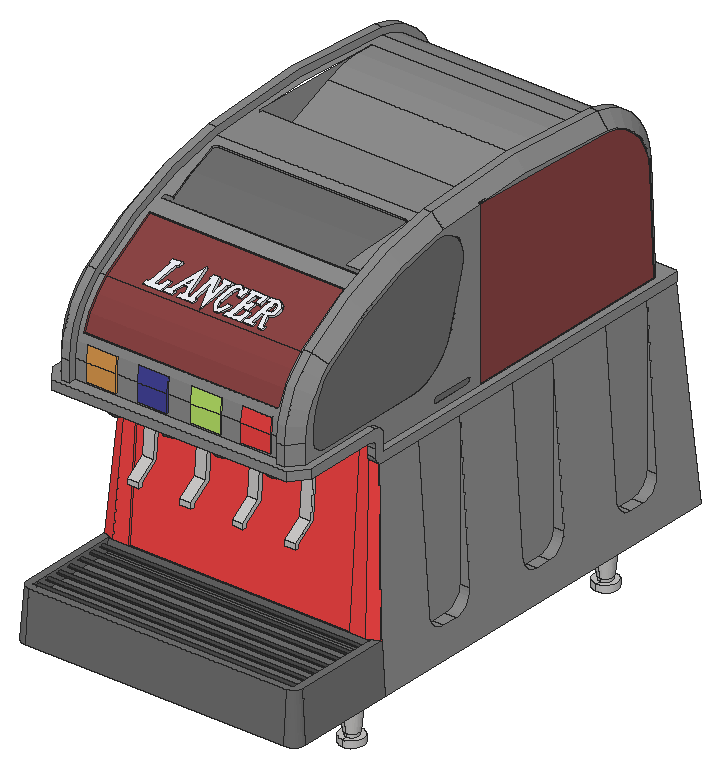
Revit family
Parameters
  Weight in Pounds = 82
  Watts = 0 W
  Volts = 220 V
  URL Cutsheet = "lancercorp.com"
  URL = "lancercorp.com"
  Type Mark [instance] = ""
  Status [instance] = ""
  Specification by User [instance] = ""
  Specification by Manufacturer = ""
  Serial Number = ""
  Seismic Rating = ""
  SMACNA No = ""
  Revision Code [instance] = ""
  Refrigerant Type [instance] = "R134A"
  Plumbing Remarks [instance] = ""
  Plumbing Connection Type [instance] = ""
  Phase = 1
  Omniclass Number and Title = ""
  Number of Poles [instance] = 1
  NAFEM Spec ID Number = ""
  Model = "SPARTAN"
  Min Ckt Ampacity = 0 A
  Mechanical Remarks [instance] = ""
  Mechanical Connection Type [instance] = ""
  Max Overcurrent Protection = 0 A
  Masterspec = ""
  Manufacturer = "LANCER"
  Legs [instance] = yes
  Item Number [instance] = ""
  Installed By [instance] = ""
  Identify Quantity as Lot [instance] = yes
  HP = ""
  Furnished By [instance] = ""
  Foodservice Equipment Identifier [instance] = yes
  FL Amps = 0 A
  Electrical Remarks [instance] = ""
  Electric Connection Type [instance] = ""
  Elec Conn RI Height [instance] = 0.000"
  Elec Conn Connection Height [instance] = 0.000"
  Description = "SPARTAN BEVERAGE DISPENSER"
  Cycle = 60 Hz
  Conn Plug = ""
  Conn Conduit = yes
  Cold Water Temperature Recommended [instance] = -459.67 °F
  Cold Water Size = 5/16"
  Cold Water RI Height [instance] = 0.000"
  Cold Water Minimum Pressure = 0.00 psi
  Cold Water Maximum Pressure = 0.00 psi
  Cold Water Flow [instance] = 0 GPM
  Cold Water Consumption = ""
  Cold Water Connection Height = 0.000"
  CSI MasterFormat = ""
  CSI Master Format = ""
  Base Height [instance] = if(Legs, 3.951", 0.000")  # 3.951"
  Apparent Power = if(Phase = 3, Volts * FL Amps * 1.73, Volts * FL Amps)  # 0 VA
Reference planes (in)
  plane 1 "BACK": y = 0
  plane 2: z = 0
  plane 3 "LEFT": x = 0
  plane 4 "RIGHT": x = 15.7
  plane 5 "FRONT": y = -28.074
  plane 6 "TOP": z = 25.551
  plane 7 "Center Y": x = 7.85
  plane 8 "Center X": y = -14.037
  plane 9 "Base Height": z = 3.951
Forms (in)
  Revolve 1, solid, material "QF_Finishes_Stainless Steel", visible <- "Legs"
    sketch origin (3.0625, 0, 0) x (0, 1, 0) y (0, 0, 1)
      loop
        line (-2.76053, 0) -> (-2.11521, 0) -> (-2.11521, 0.35673) -> (-2.41837, 0.35673) -> (-2.41837, 0.55916) -> (-2.36703, 0.55916) -> (-2.01053, 3.951) -> (-2.76053, 3.951) -> (-2.76053, 0)
      axis (-2.76053, 0) -> (-2.76053, 3.951)
    angle from 0 to 360
  Revolve 2, solid, material "QF_Finishes_Stainless Steel", visible <- "Legs"
    sketch origin (3.0625, -17.62867, 0) x (0, 1, 0) y (0, 0, 1)
      loop
        line (-2.76053, 0) -> (-2.11521, 0) -> (-2.11521, 0.35673) -> (-2.41837, 0.35673) -> (-2.41837, 0.55916) -> (-2.36703, 0.55916) -> (-2.01053, 3.951) -> (-2.76053, 3.951) -> (-2.76053, 0)
      axis (-2.76053, 0) -> (-2.76053, 3.951)
    angle from 0 to 360
  Revolve 3, solid, material "QF_Finishes_Stainless Steel", visible <- "Legs"
    sketch origin (12.6375, 0, 0) x (0, 1, 0) y (0, 0, -1)
      loop
        line (-2.76053, 0) -> (-2.76053, -3.951) -> (-2.01053, -3.951) -> (-2.36703, -0.55916) -> (-2.41837, -0.55916) -> (-2.41837, -0.35673) -> (-2.11521, -0.35673) -> (-2.11521, 0) -> (-2.76053, 0)
      axis (-2.76053, 0) -> (-2.76053, -3.951)
    angle from 0 to 360
  Revolve 4, solid, material "QF_Finishes_Stainless Steel", visible <- "Legs"
    sketch origin (12.6375, -17.62867, 0) x (0, 1, 0) y (0, 0, -1)
      loop
        line (-2.76053, 0) -> (-2.76053, -3.951) -> (-2.01053, -3.951) -> (-2.36703, -0.55916) -> (-2.41837, -0.55916) -> (-2.41837, -0.35673) -> (-2.11521, -0.35673) -> (-2.11521, 0) -> (-2.76053, 0)
      axis (-2.76053, 0) -> (-2.76053, -3.951)
    angle from 0 to 360
  Extrusion 5, solid, material "QF_Finishes_Dark Grey"
    sketch origin (0, -28.074, 0) x (1, 0, 0) y (0, 0, 1)
      loop
        line (0, 3.951) -> (15.7, 3.951) -> (15.51255, 6.68594) -> (0.18745, 6.68594) -> (0, 3.951)
    from -6.17706 to -5.80206
  Sweep 6, solid, material "QF_Finishes_Dark Grey"
    path origin (0, 0, 3.951) x (-1, 0, 0) y (0, -1, 0)
      loop
        line (-15.7, 22.27194) -> (-15.7, 27.399)
        arc (-15.7, 27.399) -> (-15.5023, 27.8763) -> (-15.025, 28.074) r 0.675
        line (-15.025, 28.074) -> (-0.675, 28.074)
        arc (-0.675, 28.074) -> (-0.1977, 27.8763) -> (0, 27.399) r 0.675
        line (0, 27.399) -> (0, 22.27194)
    profile origin (15.7, -24.83547, 3.951) x (1, 0, 0) y (0, 0, 1)
      loop
        line (0, 0) -> (-0.18745, 2.73494) -> (-0.56333, 2.73494) -> (-0.37588, 0) -> (0, 0)
  Blend 7, solid, material "QF_Finishes_Dark Grey"
    base sketch origin (0, 0, 3.951) x (-1, 0, 0) y (0, -1, 0)
      loop
        line (-0.37707, 22.27194) -> (-0.37707, 27.399)
        arc (-0.37707, 27.399) -> (-0.46433, 27.60967) -> (-0.675, 27.69693) r 0.29793
        line (-0.675, 27.69693) -> (-15.025, 27.69693)
        arc (-15.025, 27.69693) -> (-15.23567, 27.60967) -> (-15.32293, 27.399) r 0.29793
        line (-15.32293, 27.399) -> (-15.32293, 22.27194) -> (-0.37707, 22.27194)
    top sketch origin (0, 0, 3.951) x (-1, 0, 0) y (0, -1, 0)
      loop
        line (-0.51474, 22.27194) -> (-0.51474, 27.559) -> (-15.18526, 27.559) -> (-15.18526, 22.27194) -> (-0.51474, 22.27194)
    from 0 to 2.02598
  Sweep 8, solid, material "QF_Finishes_Gray"
    path origin (0, 0, 3.951) x (-1, 0, 0) y (0, -1, 0)
      loop
        line (-15.7, 21.89694) -> (-15.7, 0) -> (0, 0) -> (0, 21.89694)
    profile origin (15.7, -10.94847, 3.951) x (-1, 0, 0) y (0, 0, 1)
      loop
        line (0, 0) -> (0.89924, 0) -> (0.89924, 11.15126) -> (0.76431, 11.15126) -> (0, 0)
  Extrusion 9, solid, material "QF_Finishes_Gray"
    sketch origin (0, 0, 3.951) x (-1, 0, 0) y (0, -1, 0)
      loop
        line (-0.89924, 0.89924) -> (-0.89924, 21.89694) -> (-14.80076, 21.89694) -> (-14.80076, 0.89924) -> (-0.89924, 0.89924)
    from 0 to 11.15126
  Extrusion 10, void
    sketch origin (0, 0, 0) x (0, 1, 0) y (0, 0, 1)
      loop
        line (-21.89694, 6.68594) -> (-21.30841, 15.10226) -> (-22.12091, 15.10226) -> (-22.12091, 6.68594) -> (-21.89694, 6.68594)
    from 0 to 15.7
  Extrusion 11, void
    sketch origin (0, 0, 0) x (0, 1, 0) y (0, 0, 1)
      loop
        line (-18.66262, 15.10226) -> (-18.66262, 6.60226)
        arc (-18.66262, 6.60226) -> (-18.36973, 5.89515) -> (-17.66262, 5.60226) r 1
        line (-17.66262, 5.60226) -> (-16.78762, 5.60226)
        arc (-16.78762, 5.60226) -> (-16.08052, 5.89515) -> (-15.78762, 6.60226) r 1
        line (-15.78762, 6.60226) -> (-15.78762, 15.10226) -> (-18.66262, 15.10226)
      loop
        line (-12.16262, 15.10226) -> (-12.16262, 6.60226)
        arc (-12.16262, 6.60226) -> (-11.86973, 5.89515) -> (-11.16262, 5.60226) r 1
        line (-11.16262, 5.60226) -> (-10.28762, 5.60226)
        arc (-10.28762, 5.60226) -> (-9.58052, 5.89515) -> (-9.28762, 6.60226) r 1
        line (-9.28762, 6.60226) -> (-9.28762, 15.10226) -> (-12.16262, 15.10226)
      loop
        line (-5.66262, 15.10226) -> (-5.66262, 6.60226)
        arc (-5.66262, 6.60226) -> (-5.36973, 5.89515) -> (-4.66262, 5.60226) r 1
        line (-4.66262, 5.60226) -> (-3.78762, 5.60226)
        arc (-3.78762, 5.60226) -> (-3.08052, 5.89515) -> (-2.78762, 6.60226) r 1
        line (-2.78762, 6.60226) -> (-2.78762, 15.10226) -> (-5.66262, 15.10226)
    from 0 to 0.76431
  Extrusion 12, void
    sketch origin (15.7, 0, 0) x (0, 1, 0) y (0, 0, -1)
      loop
        line (-18.66262, -15.10226) -> (-15.78762, -15.10226) -> (-15.78762, -6.60226)
        arc (-15.78762, -6.60226) -> (-16.08052, -5.89515) -> (-16.78762, -5.60226) r 1
        line (-16.78762, -5.60226) -> (-17.66262, -5.60226)
        arc (-17.66262, -5.60226) -> (-18.36973, -5.89515) -> (-18.66262, -6.60226) r 1
        line (-18.66262, -6.60226) -> (-18.66262, -15.10226)
      loop
        line (-12.16262, -15.10226) -> (-9.28762, -15.10226) -> (-9.28762, -6.60226)
        arc (-9.28762, -6.60226) -> (-9.58052, -5.89515) -> (-10.28762, -5.60226) r 1
        line (-10.28762, -5.60226) -> (-11.16262, -5.60226)
        arc (-11.16262, -5.60226) -> (-11.86973, -5.89515) -> (-12.16262, -6.60226) r 1
        line (-12.16262, -6.60226) -> (-12.16262, -15.10226)
      loop
        line (-5.66262, -15.10226) -> (-2.78762, -15.10226) -> (-2.78762, -6.60226)
        arc (-2.78762, -6.60226) -> (-3.08052, -5.89515) -> (-3.78762, -5.60226) r 1
        line (-3.78762, -5.60226) -> (-4.66262, -5.60226)
        arc (-4.66262, -5.60226) -> (-5.36973, -5.89515) -> (-5.66262, -6.60226) r 1
        line (-5.66262, -6.60226) -> (-5.66262, -15.10226)
    from 0 to 0.76431
  Extrusion 13, solid, material "QF_Finishes_Gray"
    sketch origin (0, 0, 3.951) x (-1, 0, 0) y (0, -1, 0)
      loop
        line (-15.03569, 21.20276) -> (-15.03569, 0.81074) -> (-14.88926, 0.66431) -> (-0.81074, 0.66431) -> (-0.66431, 0.81074) -> (-0.66431, 21.20276) -> (-15.03569, 21.20276)
    from 11.15126 to 11.65126
  Extrusion 14, solid, material "QF_Finishes_Gray"
    sketch origin (0, 0, 0) x (0, 1, 0) y (0, 0, 1)
      loop
        arc (-21.70243, 15.49466) -> (-21.58742, 15.21701) -> (-21.30977, 15.102) r 0.39266
        line (-21.30977, 15.102) -> (-21.20276, 15.102) -> (-21.20276, 16.45483)
        arc (-21.20276, 16.45483) -> (-21.34921, 16.80839) -> (-21.70276, 16.95483) r 0.5
        line (-21.70276, 16.95483) -> (-26.18634, 16.95483) -> (-26.18634, 16.45495) -> (-22.20261, 16.45495)
        arc (-22.20261, 16.45495) -> (-21.84893, 16.30845) -> (-21.70243, 15.95477) r 0.50018
        line (-21.70243, 15.95477) -> (-21.70243, 15.49466)
    from 0.66452 to 1.12382
  Extrusion 15, solid, material "QF_Finishes_Gray"
    sketch origin (0, 0, 3.951) x (-1, 0, 0) y (0, -1, 0)
      loop
        line (-14.37222, 27.06729) -> (-15.03569, 26.18634) -> (-0.66431, 26.18634) -> (-1.32778, 27.06729) -> (-14.37222, 27.06729)
    from 12.50383 to 13.00383
  Extrusion 16, solid, material "QF_Finishes_Gray"
    sketch origin (0, 0, 0) x (0, 1, 0) y (0, 0, 1)
      loop
        line (-1.8372, 15.60226) -> (-2.1257, 21.1071)
        arc (-2.1257, 21.1071) -> (-3.04256, 23.29082) -> (-5.14004, 24.39074) r 3.5
        arc (-5.14004, 24.39074) -> (-10.82065, 24.80118) -> (-16.50608, 24.46382) r 43.37642
        arc (-16.50608, 24.46382) -> (-20.70726, 23.36544) -> (-24.48163, 21.21822) r 16.65241
        arc (-24.48163, 21.21822) -> (-25.649, 19.80984) -> (-26.06729, 18.02902) r 4
        line (-26.06729, 18.02902) -> (-26.06729, 16.95483) -> (-21.70276, 16.95483)
        arc (-21.70276, 16.95483) -> (-21.34921, 16.80839) -> (-21.20276, 16.45483) r 0.5
        line (-21.20276, 16.45483) -> (-21.20276, 15.60226) -> (-1.8372, 15.60226)
    from 1.05855 to 14.64145
  Sweep 17, solid, material "QF_Finishes_Gray"
    path in 3D
      loop
        line (14.64145, -1.8372, 15.60226) -> (14.64145, -2.1257, 21.1071)
        arc (14.64145, -2.1257, 21.1071) -> (14.64145, -3.04256, 23.29082) -> (14.64145, -5.14004, 24.39074) r 3.5
        arc (14.64145, -5.14004, 24.39074) -> (14.64145, -10.82065, 24.80118) -> (14.64145, -16.50608, 24.46382) r 43.37642
        arc (14.64145, -16.50608, 24.46382) -> (14.64145, -20.70726, 23.36544) -> (14.64145, -24.48163, 21.21822) r 16.65241
        arc (14.64145, -24.48163, 21.21822) -> (14.64145, -25.649, 19.80984) -> (14.64145, -26.06729, 18.02902) r 4
        line (14.64145, -26.06729, 18.02902) -> (14.64145, -26.06729, 16.95483)
    profile origin (14.64145, -1.8372, 15.60226) x (0, -0.99863, -0.052336) y (1, 0, 0)
      loop
        line (0, -13.58291) -> (0, -12.55258) -> (-0.74266, -12.55258) -> (-0.74266, -12.99025) -> (0, -13.58291)
      loop
        line (0, 0) -> (-0.74266, -0.59266) -> (-0.74266, -1.03033) -> (0, -1.03033) -> (0, 0)
  Extrusion 18, void
    sketch origin (0, 0, 0) x (0, 1, 0) y (0, 0, 1)
      loop
        line (-24.72237, 17.13307) -> (-18.68266, 17.13307)
        arc (-18.68266, 17.13307) -> (-17.02767, 17.68682) -> (-16.03919, 19.12507) r 2.75
        line (-16.03919, 19.12507) -> (-15.16646, 21.95951)
        arc (-15.16646, 21.95951) -> (-15.49552, 23.5955) -> (-17.06278, 24.1686) r 1.70652
        arc (-17.06278, 24.1686) -> (-20.86721, 23.07512) -> (-24.29713, 21.09902) r 16.34272
        arc (-24.29713, 21.09902) -> (-25.36994, 19.70438) -> (-25.63981, 17.96568) r 3.54404
        arc (-25.63981, 17.96568) -> (-25.34183, 17.37226) -> (-24.72237, 17.13307) r 0.92176
      loop
        arc (-17.00157, 16.40302) -> (-17.19699, 16.2076) -> (-17.00157, 16.01218) r 0.19542
        line (-17.00157, 16.01218) -> (-14.89878, 16.01218)
        arc (-14.89878, 16.01218) -> (-14.70336, 16.2076) -> (-14.89878, 16.40302) r 0.19542
        line (-14.89878, 16.40302) -> (-17.00157, 16.40302)
    from 14.57618 to 14.64145
  Extrusion 19, void
    sketch origin (15.7, 0, 0) x (0, 1, 0) y (0, 0, -1)
      loop
        arc (-24.72237, -17.13307) -> (-25.34183, -17.37226) -> (-25.63981, -17.96568) r 0.92176
        arc (-25.63981, -17.96568) -> (-25.36994, -19.70438) -> (-24.29713, -21.09902) r 3.54404
        arc (-24.29713, -21.09902) -> (-20.86721, -23.07512) -> (-17.06278, -24.1686) r 16.34272
        arc (-17.06278, -24.1686) -> (-15.49552, -23.5955) -> (-15.16646, -21.95951) r 1.70652
        line (-15.16646, -21.95951) -> (-16.03919, -19.12507)
        arc (-16.03919, -19.12507) -> (-17.02767, -17.68682) -> (-18.68266, -17.13307) r 2.75
        line (-18.68266, -17.13307) -> (-24.72237, -17.13307)
      loop
        line (-17.00157, -16.40302) -> (-14.89878, -16.40302)
        arc (-14.89878, -16.40302) -> (-14.70336, -16.2076) -> (-14.89878, -16.01218) r 0.19542
        line (-14.89878, -16.01218) -> (-17.00157, -16.01218)
        arc (-17.00157, -16.01218) -> (-17.19699, -16.2076) -> (-17.00157, -16.40302) r 0.19542
    from 14.57618 to 14.64145
  Extrusion 20, void
    sketch origin (0, 12.25, 0) x (0, 1, 0) y (0, 0, 1)
      loop
        line (-26.287, 15.63326) -> (-14.11987, 15.63326) -> (-14.40666, 21.10548)
        arc (-14.40666, 21.10548) -> (-15.3154, 23.26985) -> (-17.39429, 24.36003) r 3.469
        arc (-17.39429, 24.36003) -> (-21.83264, 24.74453) -> (-26.287, 24.67143) r 43.34542
        line (-26.287, 24.67143) -> (-26.287, 15.63326)
    from 14.57618 to 14.64145
  Extrusion 21, void
    sketch origin (15.7, 12.25, 0) x (0, 1, 0) y (0, 0, -1)
      loop
        line (-26.287, -15.63326) -> (-26.287, -24.67143)
        arc (-26.287, -24.67143) -> (-21.83264, -24.74453) -> (-17.39429, -24.36003) r 43.34542
        arc (-17.39429, -24.36003) -> (-15.3154, -23.26985) -> (-14.40666, -21.10548) r 3.469
        line (-14.40666, -21.10548) -> (-14.11987, -15.63326) -> (-26.287, -15.63326)
    from 14.57618 to 14.64145
  Extrusion 22, solid, material "QF_Finishes_Gray"
    sketch origin (0, 0, 0) x (0, 1, 0) y (0, 0, 1)
      loop
        line (-1.8372, 15.60226) -> (-1.48672, 15.60226) -> (-1.77618, 21.12542)
        arc (-1.77618, 21.12542) -> (-2.78473, 23.5275) -> (-5.09195, 24.73742) r 3.85
        arc (-5.09195, 24.73742) -> (-10.8184, 25.15118) -> (-16.5497, 24.81109) r 43.72642
        arc (-16.5497, 24.81109) -> (-20.83918, 23.68962) -> (-24.69288, 21.49727) r 17.00241
        arc (-24.69288, 21.49727) -> (-25.9624, 19.96567) -> (-26.41729, 18.02902) r 4.35
        line (-26.41729, 18.02902) -> (-26.41729, 16.95483) -> (-26.06729, 16.95483) -> (-26.06729, 18.02902)
        arc (-26.06729, 18.02902) -> (-25.649, 19.80984) -> (-24.48163, 21.21822) r 4
        arc (-24.48163, 21.21822) -> (-20.70726, 23.36544) -> (-16.50608, 24.46382) r 16.65241
        arc (-16.50608, 24.46382) -> (-10.82065, 24.80118) -> (-5.14004, 24.39074) r 43.37642
        arc (-5.14004, 24.39074) -> (-3.04256, 23.29082) -> (-2.1257, 21.1071) r 3.5
        line (-2.1257, 21.1071) -> (-1.8372, 15.60226)
    from 2.08888 to 13.61112
  Extrusion 23, solid, material "QF_Finishes_Black"
    sketch origin (0, 0, 0) x (0, 1, 0) y (0, 0, 1)
      loop
        circle (-24.89174, 6.48843) r 0.1
      loop
        circle (-24.14174, 6.48843) r 0.1
      loop
        circle (-23.39174, 6.48843) r 0.1
      loop
        circle (-22.64174, 6.48843) r 0.1
      loop
        circle (-25.64174, 6.48843) r 0.1
      loop
        circle (-26.39174, 6.48843) r 0.1
      loop
        circle (-27.14174, 6.48843) r 0.1
    from 0.47492 to 15.22064
  Extrusion 24, solid, material "QF_Finishes_Gray"
    sketch origin (15.7, 0, 0) x (0, 1, 0) y (0, 0, -1)
      loop
        line (-21.70243, -15.49466) -> (-21.70243, -15.95477)
        arc (-21.70243, -15.95477) -> (-21.84893, -16.30845) -> (-22.20261, -16.45495) r 0.50018
        line (-22.20261, -16.45495) -> (-26.18634, -16.45495) -> (-26.18634, -16.95483) -> (-21.70276, -16.95483)
        arc (-21.70276, -16.95483) -> (-21.34921, -16.80839) -> (-21.20276, -16.45483) r 0.5
        line (-21.20276, -16.45483) -> (-21.20276, -15.102) -> (-21.30977, -15.102)
        arc (-21.30977, -15.102) -> (-21.58742, -15.21701) -> (-21.70243, -15.49466) r 0.39266
    from 0.66452 to 1.12382
  Blend 25, solid, material "QF_Finishes_Red"
    base sketch origin (0, 0, 3.951) x (-1, 0, 0) y (0, -1, 0)
      loop
        line (-0.18745, 21.89694) -> (-0.18745, 21.97897) -> (-0.80569, 22.22875) -> (-1.70979, 22.22875) -> (-1.70979, 22.158) -> (-13.99021, 22.158) -> (-13.99021, 22.22875) -> (-14.89431, 22.22875) -> (-15.51255, 21.97897) -> (-15.51255, 21.89694) -> (-0.18745, 21.89694)
    top sketch origin (0, 0, 3.951) x (-1, 0, 0) y (0, -1, 0)
      loop
        line (-0.8603, 21.21048) -> (-0.8603, 21.29251) -> (-1.20916, 21.43345) -> (-1.70979, 21.43345) -> (-1.70979, 21.36271) -> (-13.99021, 21.36271) -> (-13.99021, 21.43345) -> (-14.49084, 21.43345) -> (-14.8397, 21.29251) -> (-14.8397, 21.21048) -> (-0.8603, 21.21048)
    from 2.73494 to 12.50395
  Extrusion 26, void
    sketch origin (0, 0, 0) x (0, 1, 0) y (0, 0, 1)
      loop
        arc (-24.69288, 21.49727) -> (-25.62933, 20.52589) -> (-26.22308, 19.31428) r 4.35
        line (-26.22308, 19.31428) -> (-26.17072, 19.31428)
        arc (-26.17072, 19.31428) -> (-25.58394, 20.50352) -> (-24.6627, 21.45741) r 4.3
        arc (-24.6627, 21.45741) -> (-23.21429, 22.44055) -> (-21.67222, 23.26907) r 16.95241
        line (-21.67222, 23.26907) -> (-21.69358, 23.31428)
        arc (-21.69358, 23.31428) -> (-23.2402, 22.48331) -> (-24.69288, 21.49727) r 17.00241
    from 2.42901 to 13.27099
  Extrusion 27, void
    sketch origin (0, 0, 0) x (0, 1, 0) y (0, 0, 1)
      loop
        line (-14.037, 25.0533) -> (-14.037, 22.5533) -> (-9.29935, 24.46744)
        arc (-9.29935, 24.46744) -> (-7.80927, 24.8643) -> (-6.26737, 24.88426) r 6.25
        arc (-6.26737, 24.88426) -> (-10.14842, 25.14173) -> (-14.037, 25.0533) r 43.72642
    from 2.42901 to 13.27099
  Extrusion 28, void
    sketch origin (0, 0, 3.951) x (-1, 0, 0) y (0, -1, 0)
      loop
        line (-3.23393, 20.79722) -> (-12.21607, 20.79722)
        arc (-12.21607, 20.79722) -> (-12.45265, 20.71317) -> (-12.58319, 20.4987) r 0.375
        line (-12.58319, 20.4987) -> (-13.22083, 17.43801)
        arc (-13.22083, 17.43801) -> (-13.18021, 17.27104) -> (-13.02503, 17.19722) r 0.2
        line (-13.02503, 17.19722) -> (-2.67497, 17.19722)
        arc (-2.67497, 17.19722) -> (-2.51979, 17.27104) -> (-2.47917, 17.43801) r 0.2
        line (-2.47917, 17.43801) -> (-2.86681, 20.4987)
        arc (-2.86681, 20.4987) -> (-2.99735, 20.71317) -> (-3.23393, 20.79722) r 0.375
    from 19.5775 to 20.93089
  Extrusion 29, solid, material "QF_Finishes_Gray"
    sketch origin (0, 0, 0) x (0, 1, 0) y (0, 0, 1)
      loop
        arc (-17.19722, 24.66638) -> (-19.02526, 24.25912) -> (-20.79722, 23.6527) r 16.95241
        line (-20.79722, 23.6527) -> (-20.79722, 23.5285) -> (-20.29061, 23.5285)
        arc (-20.29061, 23.5285) -> (-18.76401, 24.01993) -> (-17.19722, 24.36223) r 16.65241
        line (-17.19722, 24.36223) -> (-17.19722, 24.66638)
    from 2.42901 to 13.27099
  Extrusion 30, solid, material "QF_Finishes_Orange"
    sketch origin (-0.4375, 0.03125, 0) x (0, 1, 0) y (0, 0, 1)
      loop
        line (-26.33902, 18.85048) -> (-26.38993, 18.85048)
        arc (-26.38993, 18.85048) -> (-26.44791, 18.44157) -> (-26.46729, 18.02902) r 4.4
        line (-26.46729, 18.02902) -> (-26.46729, 17.06015) -> (-26.41729, 17.06015) -> (-26.41729, 18.02902)
        arc (-26.41729, 18.02902) -> (-26.39768, 18.44161) -> (-26.33902, 18.85048) r 4.35
    from 3.16385 to 4.81149
  Extrusion 31, solid, material "QF_Finishes_Blue"
    sketch origin (0.40625, 0.03125, 0) x (0, 1, 0) y (0, 0, 1)
      loop
        line (-26.33902, 18.85048) -> (-26.38993, 18.85048)
        arc (-26.38993, 18.85048) -> (-26.44791, 18.44157) -> (-26.46729, 18.02902) r 4.4
        line (-26.46729, 18.02902) -> (-26.46729, 17.06015) -> (-26.41729, 17.06015) -> (-26.41729, 18.02902)
        arc (-26.41729, 18.02902) -> (-26.39768, 18.44161) -> (-26.33902, 18.85048) r 4.35
    from 5.16385 to 6.81149
  Extrusion 32, solid, material "QF_Finishes_Red"
    sketch origin (16.1375, 0.03125, 0) x (0, 1, 0) y (0, 0, -1)
      loop
        arc (-26.33902, -18.85048) -> (-26.39768, -18.44161) -> (-26.41729, -18.02902) r 4.35
        line (-26.41729, -18.02902) -> (-26.41729, -17.06015) -> (-26.46729, -17.06015) -> (-26.46729, -18.02902)
        arc (-26.46729, -18.02902) -> (-26.44791, -18.44157) -> (-26.38993, -18.85048) r 4.4
        line (-26.38993, -18.85048) -> (-26.33902, -18.85048)
    from 3.16385 to 4.81149
  Extrusion 33, solid, material "QF_Finishes_Yellow Green"
    sketch origin (15.35625, 0.03125, 0) x (0, 1, 0) y (0, 0, -1)
      loop
        arc (-26.33902, -18.85048) -> (-26.39768, -18.44161) -> (-26.41729, -18.02902) r 4.35
        line (-26.41729, -18.02902) -> (-26.41729, -17.06015) -> (-26.46729, -17.06015) -> (-26.46729, -18.02902)
        arc (-26.46729, -18.02902) -> (-26.44791, -18.44157) -> (-26.38993, -18.85048) r 4.4
        line (-26.38993, -18.85048) -> (-26.33902, -18.85048)
    from 5.16385 to 6.81149
  Extrusion 34, solid, material "QF_Finishes_White"
    sketch origin (17.41924, -33.25075, -0.22915) x (1, 0, 0) y (0, 0.81211, 0.583505)
      loop
        line (-12.49146, 21.46818) -> (-12.55278, 21.29971) -> (-12.47904, 21.22597) -> (-12.90854, 20.17785)
        arc (-12.90854, 20.17785) -> (-12.93709, 20.14286) -> (-12.9803, 20.1297) r 0.07755
        line (-12.9803, 20.1297) -> (-13.05646, 20.1297) -> (-13.13865, 19.91561) -> (-12.13809, 19.91561) -> (-11.92261, 20.47696) -> (-12.14847, 20.47696) -> (-12.21933, 20.29236)
        arc (-12.21933, 20.29236) -> (-12.31241, 20.17429) -> (-12.456, 20.1297) r 0.2535
        line (-12.456, 20.1297) -> (-12.60114, 20.1297) -> (-12.18376, 21.21702) -> (-12.0461, 21.26713) -> (-11.97292, 21.46818) -> (-12.49146, 21.46818)
      loop
        line (-11.54232, 19.91561) -> (-11.46202, 20.12855) -> (-11.57594, 20.12855) -> (-11.30823, 20.52545) -> (-11.04405, 20.52545) -> (-11.04405, 20.2135)
        arc (-11.04405, 20.2135) -> (-11.06927, 20.15262) -> (-11.13015, 20.12741) r 0.0861
        line (-11.13015, 20.12741) -> (-11.19695, 20.12741) -> (-11.2537, 19.91561) -> (-10.36841, 19.91561) -> (-10.31318, 20.12171)
        arc (-10.31318, 20.12171) -> (-10.37318, 20.13487) -> (-10.38582, 20.19498) r 0.05658
        line (-10.38582, 20.19498) -> (-10.09293, 20.95801) -> (-9.9005, 19.74306) -> (-9.34655, 21.18615)
        arc (-9.34655, 21.18615) -> (-9.29661, 21.24346) -> (-9.22148, 21.25508) r 0.11077
        line (-9.22148, 21.25508) -> (-9.14608, 21.45152) -> (-9.60274, 21.45152) -> (-9.67356, 21.26702) -> (-9.57006, 21.22729) -> (-9.77199, 20.70125) -> (-9.89082, 21.45152) -> (-10.22973, 21.45152) -> (-10.29457, 21.26241) -> (-10.22202, 21.22702) -> (-10.59904, 20.19115)
        arc (-10.59904, 20.19115) -> (-10.71712, 20.12435) -> (-10.80157, 20.23052) r 0.10444
        line (-10.80157, 20.23052) -> (-10.75093, 21.68059) -> (-11.77573, 20.19742)
        arc (-11.77573, 20.19742) -> (-11.85733, 20.13425) -> (-11.96042, 20.1297) r 0.17054
        line (-11.96042, 20.1297) -> (-12.0426, 19.91561) -> (-11.54232, 19.91561)
      loop
        line (-11.04405, 20.91083) -> (-11.222, 20.65329) -> (-11.04405, 20.65329) -> (-11.04405, 20.91083)
      loop
        arc (-9.18015, 20.40589) -> (-9.07337, 20.72827) -> (-8.937, 21.03929) r 3.63979
        arc (-8.937, 21.03929) -> (-8.86883, 21.14859) -> (-8.78072, 21.24255) r 0.65953
        arc (-8.78072, 21.24255) -> (-8.68809, 21.26405) -> (-8.61885, 21.19886) r 0.10072
        arc (-8.61885, 21.19886) -> (-8.59832, 21.07023) -> (-8.62072, 20.9419) r 0.39524
        line (-8.62072, 20.9419) -> (-8.40563, 20.9419) -> (-8.22094, 21.42303) -> (-8.42275, 21.42303) -> (-8.45878, 21.34576) -> (-8.56823, 21.4376)
        arc (-8.56823, 21.4376) -> (-8.6876, 21.47254) -> (-8.8102, 21.45152) r 0.27607
        arc (-8.8102, 21.45152) -> (-9.04794, 21.29194) -> (-9.20752, 21.0542) r 0.74182
        arc (-9.20752, 21.0542) -> (-9.30662, 20.7938) -> (-9.38815, 20.52738) r 4.18034
        arc (-9.38815, 20.52738) -> (-9.40237, 20.26092) -> (-9.30651, 20.01188) r 0.63895
        arc (-9.30651, 20.01188) -> (-9.18043, 19.91422) -> (-9.02096, 19.91561) r 0.2433
        arc (-9.02096, 19.91561) -> (-8.7441, 20.13998) -> (-8.57273, 20.45242) r 0.92405
        line (-8.57273, 20.45242) -> (-8.80347, 20.45242)
        arc (-8.80347, 20.45242) -> (-8.88972, 20.28311) -> (-9.01469, 20.13997) r 0.77263
        arc (-9.01469, 20.13997) -> (-9.08916, 20.11854) -> (-9.15228, 20.1635) r 0.08915
        arc (-9.15228, 20.1635) -> (-9.19, 20.28196) -> (-9.18015, 20.40589) r 0.3227
      loop
        line (-8.69269, 19.91561) -> (-7.70991, 19.91561) -> (-7.51401, 20.45382) -> (-7.75005, 20.45382) -> (-7.82475, 20.25923)
        arc (-7.82475, 20.25923) -> (-7.90736, 20.15444) -> (-8.03479, 20.11487) r 0.22499
        line (-8.03479, 20.11487) -> (-8.21264, 20.11487) -> (-8.01483, 20.61054)
        arc (-8.01483, 20.61054) -> (-7.95476, 20.57048) -> (-7.94525, 20.49891) r 0.08749
        line (-7.94525, 20.49891) -> (-7.72846, 20.49891) -> (-7.55557, 20.91825) -> (-7.78011, 20.91825)
        arc (-7.78011, 20.91825) -> (-7.83352, 20.8279) -> (-7.9364, 20.80707) r 0.12912
        line (-7.9364, 20.80707) -> (-7.75991, 21.2493) -> (-7.45081, 21.2493) -> (-7.56269, 20.9419) -> (-7.33637, 20.9419) -> (-7.14806, 21.45927) -> (-8.07174, 21.45927) -> (-8.14847, 21.25936)
        arc (-8.14847, 21.25936) -> (-8.09258, 21.23618) -> (-8.05325, 21.19018) r 0.12985
        line (-8.05325, 21.19018) -> (-8.46319, 20.19593)
        arc (-8.46319, 20.19593) -> (-8.52431, 20.13079) -> (-8.61326, 20.12255) r 0.12596
        line (-8.61326, 20.12255) -> (-8.69269, 19.91561)
      loop
        line (-7.63008, 19.91561) -> (-7.05899, 19.91561) -> (-7.00621, 20.11256) -> (-7.15288, 20.11256) -> (-6.96676, 20.59743) -> (-6.89564, 20.59743) -> (-6.79981, 19.91561) -> (-6.53221, 19.91561) -> (-6.45269, 20.11487) -> (-6.59506, 20.11487) -> (-6.65431, 20.59743)
        arc (-6.65431, 20.59743) -> (-6.35483, 20.80574) -> (-6.27239, 21.16111) r 0.50761
        arc (-6.27239, 21.16111) -> (-6.38815, 21.37431) -> (-6.61538, 21.45927) r 0.34636
        line (-6.61538, 21.45927) -> (-7.01264, 21.45927) -> (-7.10659, 21.23141) -> (-6.98734, 21.23141) -> (-7.40058, 20.19593)
        arc (-7.40058, 20.19593) -> (-7.4617, 20.13079) -> (-7.55064, 20.12255) r 0.12596
        line (-7.55064, 20.12255) -> (-7.63008, 19.91561)
      loop
        line (-6.71653, 21.2493) -> (-6.88347, 20.81441) -> (-6.69099, 20.81441)
        spline (-6.69099, 20.81441) -> (-6.65199, 20.8279) -> (-6.61544, 20.85289) -> (-6.58342, 20.88798) -> (-6.55772, 20.93118) -> (-6.5398, 20.98005) -> (-6.53066, 21.03185) -> (-6.53082, 21.08365) -> (-6.54028, 21.13253) -> (-6.55849, 21.17573) -> (-6.58444, 21.21081) -> (-6.61666, 21.23581) -> (-6.65332, 21.2493)
        line (-6.65332, 21.2493) -> (-6.71653, 21.2493)
    from 12.45543 to 12.60543
  Sweep 35, solid, material "QF_Finishes_Stainless Steel"
    path origin (0, 0, 0) x (0, 1, 0) y (0, 0, 1)
      loop
        line (-24.07141, 11.19276) -> (-24.07141, 11.38707) -> (-23.03511, 12.08606) -> (-22.65923, 16.38239) -> (-23.09012, 16.38239)
    profile origin (0, -24.07141, 11.28992) x (0, -1, 0) y (1, 0, 0)
      loop
        line (0, 11.98396) -> (0.1753, 11.98396) -> (0.1753, 12.58396) -> (0, 12.58396) -> (0, 11.98396)
      loop
        line (0, 9.08396) -> (0.1753, 9.08396) -> (0.1753, 9.68396) -> (0, 9.68396) -> (0, 9.08396)
      loop
        line (0, 6.18396) -> (0.1753, 6.18396) -> (0.1753, 6.78396) -> (0, 6.78396) -> (0, 6.18396)
      loop
        line (0, 3.28396) -> (0.1753, 3.28396) -> (0.1753, 3.88396) -> (0, 3.88396) -> (0, 3.28396)
  Extrusion 36, solid, material "QF_Finishes_Black"
    sketch origin (0, 0, 0) x (1, 0, 0) y (0, 0, 1)
      loop
        line (3.10718, 16.08678) -> (4.06074, 16.08678) -> (4.06074, 16.95483) -> (3.10718, 16.95483) -> (3.10718, 16.08678)
      loop
        line (6.00718, 16.08678) -> (6.96074, 16.08678) -> (6.96074, 16.95483) -> (6.00718, 16.95483) -> (6.00718, 16.08678)
      loop
        line (8.90718, 16.08678) -> (9.86074, 16.08678) -> (9.86074, 16.95483) -> (8.90718, 16.95483) -> (8.90718, 16.08678)
      loop
        line (11.80718, 16.08678) -> (12.76074, 16.08678) -> (12.76074, 16.95483) -> (11.80718, 16.95483) -> (11.80718, 16.08678)
    from 22.93266 to 23.42166
  Revolve 37, solid, material "QF_Finishes_Black"
    sketch origin (3.58396, 0, 0) x (0, 1, 0) y (0, 0, 1)
      loop
        line (-25.15174, 15.3282) -> (-24.65174, 15.3282) -> (-24.4781, 16.31301) -> (-24.06744, 16.72366) -> (-24.06744, 16.95483) -> (-25.15174, 16.95483) -> (-25.15174, 15.3282)
      axis (-25.15174, 15.3282) -> (-25.15174, 16.95483)
    angle from 0 to 360
  Revolve 38, solid, material "QF_Finishes_Black"
    sketch origin (6.48396, 0, 0) x (0, 1, 0) y (0, 0, 1)
      loop
        line (-25.15174, 15.3282) -> (-24.65174, 15.3282) -> (-24.4781, 16.31301) -> (-24.06744, 16.72366) -> (-24.06744, 16.95483) -> (-25.15174, 16.95483) -> (-25.15174, 15.3282)
      axis (-25.15174, 15.3282) -> (-25.15174, 16.95483)
    angle from 0 to 360
  Revolve 39, solid, material "QF_Finishes_Black"
    sketch origin (9.38396, 0, 0) x (0, 1, 0) y (0, 0, 1)
      loop
        line (-25.15174, 15.3282) -> (-24.65174, 15.3282) -> (-24.4781, 16.31301) -> (-24.06744, 16.72366) -> (-24.06744, 16.95483) -> (-25.15174, 16.95483) -> (-25.15174, 15.3282)
      axis (-25.15174, 15.3282) -> (-25.15174, 16.95483)
    angle from 0 to 360
  Revolve 40, solid, material "QF_Finishes_Black"
    sketch origin (12.28396, 0, 0) x (0, 1, 0) y (0, 0, 1)
      loop
        line (-25.15174, 15.3282) -> (-24.65174, 15.3282) -> (-24.4781, 16.31301) -> (-24.06744, 16.72366) -> (-24.06744, 16.95483) -> (-25.15174, 16.95483) -> (-25.15174, 15.3282)
      axis (-25.15174, 15.3282) -> (-25.15174, 16.95483)
    angle from 0 to 360
  Extrusion 41, solid, material "QF_Finishes_White", not visible
    sketch origin (17.41924, -33.25075, -0.22915) x (1, 0, 0) y (0, 0.81211, 0.583505)
      loop
        line (-12.49146, 21.46818) -> (-12.55278, 21.29971) -> (-12.47904, 21.22597) -> (-12.90854, 20.17785)
        arc (-12.90854, 20.17785) -> (-12.93709, 20.14286) -> (-12.9803, 20.1297) r 0.07755
        line (-12.9803, 20.1297) -> (-13.05646, 20.1297) -> (-13.13865, 19.91561) -> (-12.13809, 19.91561) -> (-11.92261, 20.47696) -> (-12.14847, 20.47696) -> (-12.21933, 20.29236)
        arc (-12.21933, 20.29236) -> (-12.31241, 20.17429) -> (-12.456, 20.1297) r 0.2535
        line (-12.456, 20.1297) -> (-12.60114, 20.1297) -> (-12.18376, 21.21702) -> (-12.0461, 21.26713) -> (-11.97292, 21.46818) -> (-12.49146, 21.46818)
      loop
        line (-11.54232, 19.91561) -> (-11.46202, 20.12855) -> (-11.57594, 20.12855) -> (-11.30823, 20.52545) -> (-11.04405, 20.52545) -> (-11.04405, 20.2135)
        arc (-11.04405, 20.2135) -> (-11.06927, 20.15262) -> (-11.13015, 20.12741) r 0.0861
        line (-11.13015, 20.12741) -> (-11.19695, 20.12741) -> (-11.2537, 19.91561) -> (-10.36841, 19.91561) -> (-10.31318, 20.12171)
        arc (-10.31318, 20.12171) -> (-10.37318, 20.13487) -> (-10.38582, 20.19498) r 0.05658
        line (-10.38582, 20.19498) -> (-10.09293, 20.95801) -> (-9.9005, 19.74306) -> (-9.34655, 21.18615)
        arc (-9.34655, 21.18615) -> (-9.29661, 21.24346) -> (-9.22148, 21.25508) r 0.11077
        line (-9.22148, 21.25508) -> (-9.14608, 21.45152) -> (-9.60274, 21.45152) -> (-9.67356, 21.26702) -> (-9.57006, 21.22729) -> (-9.77199, 20.70125) -> (-9.89082, 21.45152) -> (-10.22973, 21.45152) -> (-10.29457, 21.26241) -> (-10.22202, 21.22702) -> (-10.59904, 20.19115)
        arc (-10.59904, 20.19115) -> (-10.71712, 20.12435) -> (-10.80157, 20.23052) r 0.10444
        line (-10.80157, 20.23052) -> (-10.75093, 21.68059) -> (-11.77573, 20.19742)
        arc (-11.77573, 20.19742) -> (-11.85733, 20.13425) -> (-11.96042, 20.1297) r 0.17054
        line (-11.96042, 20.1297) -> (-12.0426, 19.91561) -> (-11.54232, 19.91561)
      loop
        line (-11.04405, 20.91083) -> (-11.222, 20.65329) -> (-11.04405, 20.65329) -> (-11.04405, 20.91083)
      loop
        arc (-9.18015, 20.40589) -> (-9.07337, 20.72827) -> (-8.937, 21.03929) r 3.63979
        arc (-8.937, 21.03929) -> (-8.86883, 21.14859) -> (-8.78072, 21.24255) r 0.65953
        arc (-8.78072, 21.24255) -> (-8.68809, 21.26405) -> (-8.61885, 21.19886) r 0.10072
        arc (-8.61885, 21.19886) -> (-8.59832, 21.07023) -> (-8.62072, 20.9419) r 0.39524
        line (-8.62072, 20.9419) -> (-8.40563, 20.9419) -> (-8.22094, 21.42303) -> (-8.42275, 21.42303) -> (-8.45878, 21.34576) -> (-8.56823, 21.4376)
        arc (-8.56823, 21.4376) -> (-8.6876, 21.47254) -> (-8.8102, 21.45152) r 0.27607
        arc (-8.8102, 21.45152) -> (-9.04794, 21.29194) -> (-9.20752, 21.0542) r 0.74182
        arc (-9.20752, 21.0542) -> (-9.30662, 20.7938) -> (-9.38815, 20.52738) r 4.18034
        arc (-9.38815, 20.52738) -> (-9.40237, 20.26092) -> (-9.30651, 20.01188) r 0.63895
        arc (-9.30651, 20.01188) -> (-9.18043, 19.91422) -> (-9.02096, 19.91561) r 0.2433
        arc (-9.02096, 19.91561) -> (-8.7441, 20.13998) -> (-8.57273, 20.45242) r 0.92405
        line (-8.57273, 20.45242) -> (-8.80347, 20.45242)
        arc (-8.80347, 20.45242) -> (-8.88972, 20.28311) -> (-9.01469, 20.13997) r 0.77263
        arc (-9.01469, 20.13997) -> (-9.08916, 20.11854) -> (-9.15228, 20.1635) r 0.08915
        arc (-9.15228, 20.1635) -> (-9.19, 20.28196) -> (-9.18015, 20.40589) r 0.3227
      loop
        line (-8.69269, 19.91561) -> (-7.70991, 19.91561) -> (-7.51401, 20.45382) -> (-7.75005, 20.45382) -> (-7.82475, 20.25923)
        arc (-7.82475, 20.25923) -> (-7.90736, 20.15444) -> (-8.03479, 20.11487) r 0.22499
        line (-8.03479, 20.11487) -> (-8.21264, 20.11487) -> (-8.01483, 20.61054)
        arc (-8.01483, 20.61054) -> (-7.95476, 20.57048) -> (-7.94525, 20.49891) r 0.08749
        line (-7.94525, 20.49891) -> (-7.72846, 20.49891) -> (-7.55557, 20.91825) -> (-7.78011, 20.91825)
        arc (-7.78011, 20.91825) -> (-7.83352, 20.8279) -> (-7.9364, 20.80707) r 0.12912
        line (-7.9364, 20.80707) -> (-7.75991, 21.2493) -> (-7.45081, 21.2493) -> (-7.56269, 20.9419) -> (-7.33637, 20.9419) -> (-7.14806, 21.45927) -> (-8.07174, 21.45927) -> (-8.14847, 21.25936)
        arc (-8.14847, 21.25936) -> (-8.09258, 21.23618) -> (-8.05325, 21.19018) r 0.12985
        line (-8.05325, 21.19018) -> (-8.46319, 20.19593)
        arc (-8.46319, 20.19593) -> (-8.52431, 20.13079) -> (-8.61326, 20.12255) r 0.12596
        line (-8.61326, 20.12255) -> (-8.69269, 19.91561)
      loop
        line (-7.63008, 19.91561) -> (-7.05899, 19.91561) -> (-7.00621, 20.11256) -> (-7.15288, 20.11256) -> (-6.96676, 20.59743) -> (-6.89564, 20.59743) -> (-6.79981, 19.91561) -> (-6.53221, 19.91561) -> (-6.45269, 20.11487) -> (-6.59506, 20.11487) -> (-6.65431, 20.59743)
        arc (-6.65431, 20.59743) -> (-6.35483, 20.80574) -> (-6.27239, 21.16111) r 0.50761
        arc (-6.27239, 21.16111) -> (-6.38815, 21.37431) -> (-6.61538, 21.45927) r 0.34636
        line (-6.61538, 21.45927) -> (-7.01264, 21.45927) -> (-7.10659, 21.23141) -> (-6.98734, 21.23141) -> (-7.40058, 20.19593)
        arc (-7.40058, 20.19593) -> (-7.4617, 20.13079) -> (-7.55064, 20.12255) r 0.12596
        line (-7.55064, 20.12255) -> (-7.63008, 19.91561)
      loop
        line (-6.71653, 21.2493) -> (-6.88347, 20.81441) -> (-6.69099, 20.81441)
        spline (-6.69099, 20.81441) -> (-6.65199, 20.8279) -> (-6.61544, 20.85289) -> (-6.58342, 20.88798) -> (-6.55772, 20.93118) -> (-6.5398, 20.98005) -> (-6.53066, 21.03185) -> (-6.53082, 21.08365) -> (-6.54028, 21.13253) -> (-6.55849, 21.17573) -> (-6.58444, 21.21081) -> (-6.61666, 21.23581) -> (-6.65332, 21.2493)
        line (-6.65332, 21.2493) -> (-6.71653, 21.2493)
    from 12.45543 to 12.60543
  Extrusion 42, solid, material "QF_Finishes_Gray"
    sketch origin (0, 0, 0) x (1, 0, 0) y (0, 0, 1)
      loop
        circle (7.85, 4.32989) r 0.125
    from 0 to 0.10717
Cuts and joins
  joined: Extrusion 5, Sweep 6
  Extrusion 10, Extrusion 11, Extrusion 12 cuts Sweep 8
  Extrusion 10 cuts Extrusion 9
  joined: Sweep 8, Extrusion 9
  Extrusion 20, Extrusion 21 cuts Extrusion 13
  Extrusion 20, Extrusion 21 cuts Extrusion 14
  Extrusion 20, Extrusion 21 cuts Extrusion 15
  joined: Extrusion 13, Extrusion 14, Extrusion 15, Extrusion 24
  Extrusion 18, Extrusion 19, Extrusion 20, Extrusion 21, Extrusion 27 cuts Extrusion 16
  Extrusion 19, Extrusion 20, Extrusion 21 cuts Sweep 17
  Extrusion 26, Extrusion 27, Extrusion 28 cuts Extrusion 22
  joined: Extrusion 16, Sweep 17, Extrusion 22
Lines and regions (in)
  Split face 1
    outline origin (1.12382, 32.24586, -18.57434) x (0, -1, 0) y (0, 0, 1)
      loop
        line (36.69108, 39.65862) -> (36.9015, 39.73521) -> (37.01335, 40.04252) -> (36.22076, 40.04252) -> (36.12704, 39.78501) -> (36.23975, 39.6723) -> (35.58327, 38.07026)
        arc (35.58327, 38.07026) -> (35.53963, 38.01677) -> (35.47359, 37.99667) r 0.11853
        line (35.47359, 37.99667) -> (35.35717, 37.99667) -> (35.23155, 37.66943) -> (36.76089, 37.66943) -> (37.09025, 38.52744) -> (36.74502, 38.52744) -> (36.63671, 38.24529)
        arc (36.63671, 38.24529) -> (36.49444, 38.06482) -> (36.27497, 37.99667) r 0.38748
        line (36.27497, 37.99667) -> (36.05312, 37.99667) -> (36.69108, 39.65862)
  Split face 2
    outline origin (1.12382, 32.24586, -18.57434) x (0, -1, 0) y (0, 0, 1)
      loop
        line (38.80375, 38.15077) -> (38.88114, 40.36718) -> (37.31475, 38.10017)
        arc (37.31475, 38.10017) -> (37.19003, 38.00362) -> (37.03246, 37.99667) r 0.26066
        line (37.03246, 37.99667) -> (36.90684, 37.66943) -> (37.67151, 37.66943) -> (37.79426, 37.9949) -> (37.62012, 37.9949) -> (38.02932, 38.60157) -> (38.43311, 38.60157) -> (38.43311, 38.12475)
        arc (38.43311, 38.12475) -> (38.39457, 38.0317) -> (38.30152, 37.99316) r 0.1316
        line (38.30152, 37.99316) -> (38.19941, 37.99316) -> (38.11267, 37.66943) -> (39.46583, 37.66943) -> (39.55024, 37.98445)
        arc (39.55024, 37.98445) -> (39.45853, 38.00457) -> (39.4392, 38.09645) r 0.08648
        line (39.4392, 38.09645) -> (39.8869, 39.26273) -> (40.18102, 37.40569) -> (41.02773, 39.61143)
        arc (41.02773, 39.61143) -> (41.10406, 39.69903) -> (41.21889, 39.7168) r 0.16931
        line (41.21889, 39.7168) -> (41.33414, 40.01706) -> (40.63614, 40.01706) -> (40.52789, 39.73505) -> (40.6861, 39.67432) -> (40.37745, 38.87027) -> (40.19582, 40.01706) -> (39.6778, 40.01706) -> (39.57869, 39.728) -> (39.68958, 39.6739) -> (39.1133, 38.0906)
        arc (39.1133, 38.0906) -> (38.93283, 37.98849) -> (38.80375, 38.15077) r 0.15964
  Split face 3
    outline origin (1.12382, 32.24586, -18.57434) x (0, -1, 0) y (0, 0, 1)
      loop
        line (38.16112, 38.79697) -> (38.43311, 38.79697) -> (38.43311, 39.19061) -> (38.16112, 38.79697)
  Split face 4
    outline origin (1.12382, 32.24586, -18.57434) x (0, -1, 0) y (0, 0, 1)
      loop
        arc (41.28207, 38.41881) -> (41.44528, 38.91157) -> (41.65371, 39.38697) r 5.56338
        arc (41.65371, 39.38697) -> (41.75791, 39.55403) -> (41.89259, 39.69765) r 1.00808
        arc (41.89259, 39.69765) -> (42.03418, 39.73051) -> (42.14, 39.63087) r 0.15394
        arc (42.14, 39.63087) -> (42.17139, 39.43425) -> (42.13715, 39.23811) r 0.60411
        line (42.13715, 39.23811) -> (42.46591, 39.23811) -> (42.7482, 39.97351) -> (42.43975, 39.97351) -> (42.38467, 39.8554) -> (42.21738, 39.99577)
        arc (42.21738, 39.99577) -> (42.03492, 40.04917) -> (41.84753, 40.01706) r 0.42197
        arc (41.84753, 40.01706) -> (41.48415, 39.77313) -> (41.24023, 39.40976) r 1.13386
        arc (41.24023, 39.40976) -> (41.08876, 39.01174) -> (40.96413, 38.60452) r 6.3896
        arc (40.96413, 38.60452) -> (40.94241, 38.19723) -> (41.08893, 37.81658) r 0.97663
        arc (41.08893, 37.81658) -> (41.28164, 37.6673) -> (41.52539, 37.66943) r 0.37189
        arc (41.52539, 37.66943) -> (41.94856, 38.01237) -> (42.2105, 38.48995) r 1.4124
        line (42.2105, 38.48995) -> (41.85781, 38.48995)
        arc (41.85781, 38.48995) -> (41.72598, 38.23115) -> (41.53497, 38.01236) r 1.18096
        arc (41.53497, 38.01236) -> (41.42114, 37.9796) -> (41.32467, 38.04833) r 0.13627
        arc (41.32467, 38.04833) -> (41.26701, 38.22939) -> (41.28207, 38.41881) r 0.49325
  Split face 5
    outline origin (1.12382, 32.24586, -18.57434) x (0, -1, 0) y (0, 0, 1)
      loop
        arc (43.06325, 38.73162) -> (43.15506, 38.6704) -> (43.16959, 38.561) r 0.13373
        line (43.16959, 38.561) -> (43.50095, 38.561) -> (43.76522, 39.20195) -> (43.42201, 39.20195)
        arc (43.42201, 39.20195) -> (43.34036, 39.06385) -> (43.18313, 39.03201) r 0.19736
        line (43.18313, 39.03201) -> (43.45288, 39.70795) -> (43.92534, 39.70795) -> (43.75433, 39.23811) -> (44.10027, 39.23811) -> (44.38809, 40.02889) -> (42.97626, 40.02889) -> (42.85897, 39.72334)
        arc (42.85897, 39.72334) -> (42.94441, 39.68791) -> (43.00451, 39.6176) r 0.19847
        line (43.00451, 39.6176) -> (42.37792, 38.0979)
        arc (42.37792, 38.0979) -> (42.2845, 37.99833) -> (42.14855, 37.98574) r 0.19253
        line (42.14855, 37.98574) -> (42.02713, 37.66943) -> (43.52931, 37.66943) -> (43.82873, 38.49208) -> (43.46795, 38.49208) -> (43.35378, 38.19464)
        arc (43.35378, 38.19464) -> (43.22751, 38.03448) -> (43.03273, 37.97399) r 0.34389
        line (43.03273, 37.97399) -> (42.7609, 37.97399) -> (43.06325, 38.73162)
  Split face 6
    outline origin (1.12382, 32.24586, -18.57434) x (0, -1, 0) y (0, 0, 1)
      loop
        line (44.38072, 37.97047) -> (44.6652, 38.71158) -> (44.77392, 38.71158) -> (44.92038, 37.66943) -> (45.32941, 37.66943) -> (45.45096, 37.97399) -> (45.23335, 37.97399) -> (45.14278, 38.71158)
        arc (45.14278, 38.71158) -> (45.60054, 39.02999) -> (45.72653, 39.57317) r 0.77588
        arc (45.72653, 39.57317) -> (45.5496, 39.89903) -> (45.20229, 40.02889) r 0.5294
        line (45.20229, 40.02889) -> (44.59508, 40.02889) -> (44.45148, 39.68061) -> (44.63374, 39.68061) -> (44.00211, 38.0979)
        arc (44.00211, 38.0979) -> (43.9087, 37.99833) -> (43.77274, 37.98574) r 0.19253
        line (43.77274, 37.98574) -> (43.65132, 37.66943) -> (44.52424, 37.66943) -> (44.6049, 37.97047) -> (44.38072, 37.97047)
  Split face 7
    outline origin (1.12382, 32.24586, -18.57434) x (0, -1, 0) y (0, 0, 1)
      loop
        line (44.79251, 39.04323) -> (45.08671, 39.04323)
        spline (45.08671, 39.04323) -> (45.14633, 39.06385) -> (45.20219, 39.10206) -> (45.25114, 39.15568) -> (45.29042, 39.22171) -> (45.31781, 39.29642) -> (45.33178, 39.37559) -> (45.33153, 39.45477) -> (45.31708, 39.52948) -> (45.28923, 39.59551) -> (45.24957, 39.64913) -> (45.20033, 39.68733) -> (45.14429, 39.70795)
        line (45.14429, 39.70795) -> (45.04767, 39.70795) -> (44.79251, 39.04323)
  Split face 8
    outline origin (14.57618, -14.037, 15.60226) x (0, 1, 0) y (0, 0, 1)
      loop
        line (10.46906, 5.53136) -> (10.37245, 5.53136) -> (10.11729, 4.86664) -> (10.41149, 4.86664)
        spline (10.41149, 4.86664) -> (10.4711, 4.88726) -> (10.52696, 4.92546) -> (10.57591, 4.97909) -> (10.61519, 5.04512) -> (10.64259, 5.11982) -> (10.65656, 5.199) -> (10.6563, 5.27817) -> (10.64185, 5.35288) -> (10.61401, 5.41891) -> (10.57435, 5.47254) -> (10.52511, 5.51074) -> (10.46906, 5.53136)
  Split face 9
    outline origin (14.57618, -14.037, 15.60226) x (0, 1, 0) y (0, 0, 1)
      loop
        arc (11.05131, 5.39657) -> (10.87438, 5.72244) -> (10.52706, 5.85229) r 0.5294
        line (10.52706, 5.85229) -> (9.91986, 5.85229) -> (9.77626, 5.50401) -> (9.95851, 5.50401) -> (9.32689, 3.9213)
        arc (9.32689, 3.9213) -> (9.23347, 3.82173) -> (9.09752, 3.80914) r 0.19253
        line (9.09752, 3.80914) -> (8.9761, 3.49283) -> (9.84901, 3.49283) -> (9.92967, 3.79387) -> (9.70549, 3.79387) -> (9.98998, 4.53499) -> (10.09869, 4.53499) -> (10.24516, 3.49283) -> (10.65419, 3.49283) -> (10.77573, 3.7974) -> (10.55812, 3.7974) -> (10.46756, 4.53499)
        arc (10.46756, 4.53499) -> (10.92531, 4.85339) -> (11.05131, 5.39657) r 0.77588
  Split face 10
    outline origin (14.57618, -14.037, 15.60226) x (0, 1, 0) y (0, 0, 1)
      loop
        line (8.77766, 5.53136) -> (9.25011, 5.53136) -> (9.0791, 5.06151) -> (9.42504, 5.06151) -> (9.71286, 5.85229) -> (8.30103, 5.85229) -> (8.18374, 5.54674)
        arc (8.18374, 5.54674) -> (8.26918, 5.51131) -> (8.32928, 5.441) r 0.19847
        line (8.32928, 5.441) -> (7.7027, 3.9213)
        arc (7.7027, 3.9213) -> (7.60928, 3.82173) -> (7.47333, 3.80914) r 0.19253
        line (7.47333, 3.80914) -> (7.35191, 3.49283) -> (8.85409, 3.49283) -> (9.15351, 4.31549) -> (8.79273, 4.31549) -> (8.67855, 4.01805)
        arc (8.67855, 4.01805) -> (8.55229, 3.85788) -> (8.35751, 3.7974) r 0.34389
        line (8.35751, 3.7974) -> (8.08567, 3.7974) -> (8.38802, 4.55503)
        arc (8.38802, 4.55503) -> (8.47984, 4.4938) -> (8.49437, 4.3844) r 0.13373
        line (8.49437, 4.3844) -> (8.82573, 4.3844) -> (9.09, 5.02535) -> (8.74678, 5.02535)
        arc (8.74678, 5.02535) -> (8.66514, 4.88725) -> (8.5079, 4.85542) r 0.19736
        line (8.5079, 4.85542) -> (8.77766, 5.53136)
  Split face 11
    outline origin (14.57618, -14.037, 15.60226) x (0, 1, 0) y (0, 0, 1)
      loop
        line (7.46192, 5.06151) -> (7.79068, 5.06151) -> (8.07298, 5.79691) -> (7.76452, 5.79691) -> (7.70945, 5.6788) -> (7.54216, 5.81918)
        arc (7.54216, 5.81918) -> (7.35969, 5.87258) -> (7.1723, 5.84046) r 0.42197
        arc (7.1723, 5.84046) -> (6.80893, 5.59653) -> (6.565, 5.23316) r 1.13386
        arc (6.565, 5.23316) -> (6.41353, 4.83514) -> (6.28891, 4.42793) r 6.3896
        arc (6.28891, 4.42793) -> (6.26718, 4.02063) -> (6.41371, 3.63998) r 0.97663
        arc (6.41371, 3.63998) -> (6.60641, 3.49071) -> (6.85016, 3.49283) r 0.37189
        arc (6.85016, 3.49283) -> (7.27334, 3.83578) -> (7.53528, 4.31335) r 1.4124
        line (7.53528, 4.31335) -> (7.18258, 4.31335)
        arc (7.18258, 4.31335) -> (7.05075, 4.05456) -> (6.85975, 3.83576) r 1.18096
        arc (6.85975, 3.83576) -> (6.74592, 3.803) -> (6.64944, 3.87174) r 0.13627
        arc (6.64944, 3.87174) -> (6.59178, 4.0528) -> (6.60684, 4.24222) r 0.49325
        arc (6.60684, 4.24222) -> (6.77006, 4.73497) -> (6.97848, 5.21037) r 5.56338
        arc (6.97848, 5.21037) -> (7.08268, 5.37743) -> (7.21737, 5.52105) r 1.00808
        arc (7.21737, 5.52105) -> (7.35895, 5.55391) -> (7.46478, 5.45427) r 0.15394
        arc (7.46478, 5.45427) -> (7.49616, 5.25765) -> (7.46192, 5.06151) r 0.60411
  Split face 12
    outline origin (14.57618, -14.037, 15.60226) x (0, 1, 0) y (0, 0, 1)
      loop
        line (6.65892, 5.84046) -> (5.96092, 5.84046) -> (5.85267, 5.55846) -> (6.01087, 5.49773) -> (5.70223, 4.69367) -> (5.52059, 5.84046) -> (5.00257, 5.84046) -> (4.90346, 5.5514) -> (5.01436, 5.49731) -> (4.43808, 3.914)
        arc (4.43808, 3.914) -> (4.2576, 3.81189) -> (4.12852, 3.97417) r 0.15964
        line (4.12852, 3.97417) -> (4.20592, 6.19058) -> (2.63952, 3.92358)
        arc (2.63952, 3.92358) -> (2.51481, 3.82702) -> (2.35723, 3.82007) r 0.26066
        line (2.35723, 3.82007) -> (2.23162, 3.49283) -> (2.99628, 3.49283) -> (3.11903, 3.8183) -> (2.9449, 3.8183) -> (3.3541, 4.42497) -> (3.75789, 4.42497) -> (3.75789, 3.94816)
        arc (3.75789, 3.94816) -> (3.71934, 3.85511) -> (3.62629, 3.81656) r 0.1316
        line (3.62629, 3.81656) -> (3.52419, 3.81656) -> (3.43744, 3.49283) -> (4.7906, 3.49283) -> (4.87501, 3.80785)
        arc (4.87501, 3.80785) -> (4.7833, 3.82797) -> (4.76398, 3.91985) r 0.08648
        line (4.76398, 3.91985) -> (5.21167, 5.08613) -> (5.5058, 3.22909) -> (6.3525, 5.43483)
        arc (6.3525, 5.43483) -> (6.42883, 5.52243) -> (6.54366, 5.5402) r 0.16931
        line (6.54366, 5.5402) -> (6.65892, 5.84046)
  Split face 13
    outline origin (14.57618, -14.037, 15.60226) x (0, 1, 0) y (0, 0, 1)
      loop
        line (3.4859, 4.62037) -> (3.75789, 4.62037) -> (3.75789, 5.01402) -> (3.4859, 4.62037)
  Split face 14
    outline origin (14.57618, -14.037, 15.60226) x (0, 1, 0) y (0, 0, 1)
      loop
        line (2.0698, 4.35084) -> (1.96149, 4.06869)
        arc (1.96149, 4.06869) -> (1.81922, 3.88822) -> (1.59975, 3.82007) r 0.38748
        line (1.59975, 3.82007) -> (1.37789, 3.82007) -> (2.01585, 5.48203) -> (2.22628, 5.55861) -> (2.33813, 5.86592) -> (1.54554, 5.86592) -> (1.45181, 5.60842) -> (1.56452, 5.49571) -> (0.90805, 3.89366)
        arc (0.90805, 3.89366) -> (0.8644, 3.84018) -> (0.79836, 3.82007) r 0.11853
        line (0.79836, 3.82007) -> (0.68194, 3.82007) -> (0.55633, 3.49283) -> (2.08566, 3.49283) -> (2.41502, 4.35084) -> (2.0698, 4.35084)
  Split face 15
    outline origin (15.7, 0.00427, 3.88865) x (-1, 0, 0) y (0, -0.06838, 0.997659)
      loop
        circle (7.46339, 6.32598) r 0.04003
  Split face 16
    outline origin (14.8024, 0.00513, 3.87612) x (-1, 0, 0) y (0, -0.06838, 0.997659)
      loop
        circle (7.46339, 6.32598) r 0.04003
  Split face 17
    outline origin (16.68037, 0.00639, 3.85779) x (-1, 0, 0) y (0, -0.06838, 0.997659)
      loop
        circle (7.46339, 6.32598) r 0.04003
  sketch lines
    curve 1: line (14.64145, -1.8372, 15.60226) -> (14.64145, -2.1257, 21.1071)
    curve 2: arc (14.64145, -5.14004, 24.39074) -> (14.64145, -3.04256, 23.29082) -> (14.64145, -2.1257, 21.1071) r 3.5
    curve 3: arc (14.64145, -16.50608, 24.46382) -> (14.64145, -10.82065, 24.80118) -> (14.64145, -5.14004, 24.39074) r 43.37642
    curve 4: arc (14.64145, -24.48163, 21.21822) -> (14.64145, -20.70726, 23.36544) -> (14.64145, -16.50608, 24.46382) r 16.65241
    curve 5: arc (14.64145, -26.06729, 18.02902) -> (14.64145, -25.649, 19.80984) -> (14.64145, -24.48163, 21.21822) r 4
    curve 6: line (14.64145, -26.06729, 18.02902) -> (14.64145, -26.06729, 16.95483)
  symbolic lines
    curve 7: line (15.7, 0, 3.951) -> (0, 0, 3.951)
    curve 8: line (0, 0, 3.951) -> (0, -27.399, 3.951)
    curve 9: line (15.7, 0, 3.951) -> (15.7, -27.399, 3.951)
    curve 10: line (15.03569, -0.66431, 3.951) -> (15.7, 0, 3.951)
    curve 11: line (0, 0, 3.951) -> (0.66431, -0.66431, 3.951)
    curve 12: line (15.03569, -0.66431, 3.951) -> (0.66452, -0.66431, 3.951)
    curve 13: line (0.66452, -0.66431, 3.951) -> (0.66452, -26.18661, 3.951)
    curve 14: line (15.03569, -26.18634, 3.951) -> (15.03569, -0.66431, 3.951)
    curve 15: line (13.61112, -1.09556, 3.951) -> (13.61112, -26.80995, 3.951)
    curve 16: line (14.64145, -26.06729, 3.951) -> (14.64145, -1.8372, 3.951)
    curve 17: line (14.04879, -1.09556, 3.951) -> (14.64145, -1.8372, 3.951)
    curve 18: line (13.61112, -1.09556, 3.951) -> (14.04879, -1.09556, 3.951)
    curve 19: line (2.08888, -1.48672, 3.951) -> (13.61112, -1.48672, 3.951)
    curve 20: line (14.04879, -26.80995, 3.951) -> (14.04879, -1.09556, 3.951)
    curve 21: line (2.42901, -6.26737, 3.951) -> (2.42901, -14.037, 3.951)
    curve 22: line (2.42901, -14.037, 3.951) -> (13.27099, -14.037, 3.951)
    curve 23: line (13.02503, -17.19722, 3.951) -> (2.67497, -17.19722, 3.951)
    curve 24: line (12.58319, -20.4987, 3.951) -> (13.22083, -17.43801, 3.951)
    curve 25: line (3.23393, -20.79722, 3.951) -> (12.21607, -20.79722, 3.951)
    curve 26: arc (12.21607, -20.79722, 3.951) -> (12.45265, -20.71317, 3.951) -> (12.58319, -20.4987, 3.951) r 0.375
    curve 27: arc (13.22083, -17.43801, 3.951) -> (13.18021, -17.27104, 3.951) -> (13.02503, -17.19722, 3.951) r 0.2
    curve 28: arc (2.67497, -17.19722, 3.951) -> (2.51979, -17.27104, 3.951) -> (2.47917, -17.43801, 3.951) r 0.2
    curve 29: line (2.47917, -17.43801, 3.951) -> (2.86681, -20.4987, 3.951)
    curve 30: arc (2.86681, -20.4987, 3.951) -> (2.99735, -20.71317, 3.951) -> (3.23393, -20.79722, 3.951) r 0.375
    curve 31: line (2.42901, -21.69358, 3.951) -> (13.27099, -21.69358, 3.951)
    curve 32: line (2.42901, -21.69358, 3.951) -> (2.42901, -26.22308, 3.951)
    curve 33: line (13.27099, -26.22308, 3.951) -> (2.42901, -26.22308, 3.951)
    curve 34: line (13.27099, -26.22308, 3.951) -> (13.27099, -21.69358, 3.951)
    curve 35: line (2.08888, -26.41729, 3.951) -> (13.61112, -26.41729, 3.951)
    curve 36: line (13.61112, -26.80995, 3.951) -> (14.04879, -26.80995, 3.951)
    curve 37: line (14.04879, -26.80995, 3.951) -> (14.64145, -26.06729, 3.951)
    curve 38: line (14.37222, -27.06729, 3.951) -> (15.03569, -26.18634, 3.951)
